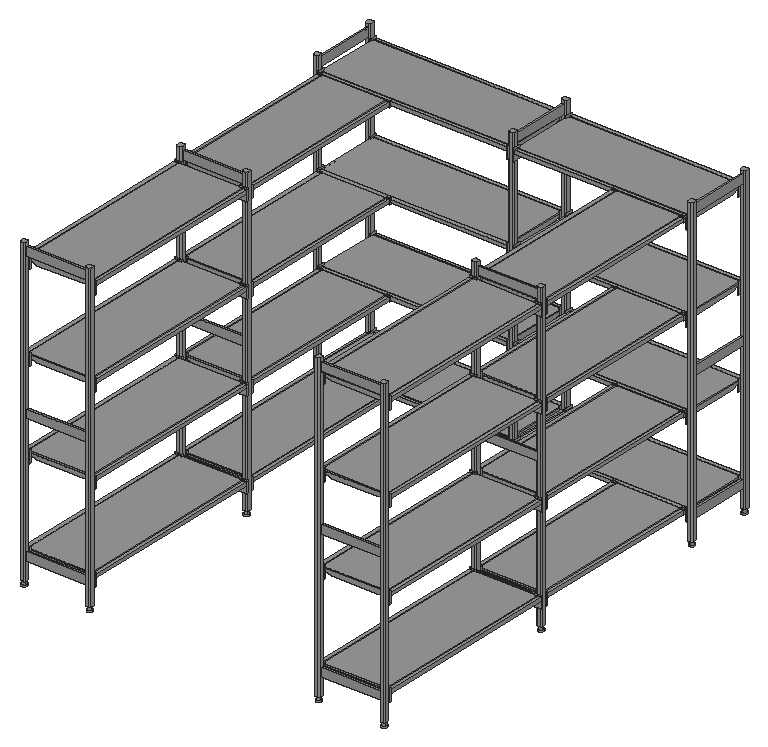
Revit family "QF_ZANUSSI_137098_CRS2024", category Attrezzature speciali, Revit 2020 (continued)
Definition of nested family "QF_886G"
  Dimensions and locks
    aligned and locked: Extrusion 1 sketch curve to Extrusion 1 sketch curve  (x2)
    aligned and locked: nested 1 to plane 18 "CXLeft"
    aligned and locked: nested 2 to plane 10
  Automatic sketch dimensions
    curve 2 to plane 4 "Left" = 0 mm
    curve 3 to plane 5 "Right" = 0 mm
    plane 7 to curve 1 = 0 mm
    plane 7 to curve 4 = 0 mm
    plane 7 to curve 5 = 0 mm
    plane 8 to curve 2 = 0 mm
    plane 8 to curve 1 = 0 mm
    plane 8 to curve 3 = 0 mm
    plane 21 "CYFront" to curve 5 = 1.5 mm
    plane 19 to curve 6 = 1.5 mm
    plane 7 to curve 3 = 4 mm
    plane 7 to curve 2 = 4 mm
    plane 12 to curve 4 = 4.493 mm
    curve 4 to plane 11 = 4.493 mm
    plane 5 "Right" to Extrusion 1 sketch curve = 0 mm  (x4)
    plane 4 "Left" to Extrusion 1 sketch curve = 0 mm  (x4)
    plane 21 "CYFront" to Extrusion 1 sketch curve = 1.5 mm  (x2)
    plane 19 to Extrusion 1 sketch curve = 1.5 mm  (x4)
    plane 14 to Extrusion 1 sketch curve = 7.998 mm  (x2)
    Extrusion 1 sketch curve to Extrusion 1 sketch curve = 17.997 mm  (x8)
    plane 15 to Extrusion 1 sketch curve = 7.998 mm  (x2)
    plane 16 to Extrusion 1 sketch curve = 7.998 mm  (x2)
    plane 17 to Extrusion 1 sketch curve = 7.998 mm  (x2)
    plane 21 "CYFront" to Extrusion 2 sketch curve = 3.5 mm  (x4)
    plane 19 to Extrusion 2 sketch curve = 3.493 mm  (x4)
    plane 14 to Extrusion 2 sketch curve = 19.496 mm
    Extrusion 2 sketch curve to Extrusion 2 sketch curve = 6.499 mm  (x4)
    plane 15 to Extrusion 2 sketch curve = 19.496 mm
    plane 16 to Extrusion 2 sketch curve = 19.496 mm
    plane 17 to Extrusion 2 sketch curve = 19.496 mm
  Nested families
    nested 1: "WT_Anta373B" at (-194.5, -132.5, 0) x (0, 1, 0) z (0, 0, 1), type "WT_Anta373B"
    nested 2: "WT_Aggancio373B" at (-194.5, 780.5, 0) x (0, 1, 0) z (0, 0, 1), type "WT_Aggancio373B"
  Definition of nested family "WT_Anta373B"
    Parameters
      WidthLeft = A + 64 mm  # 772 mm
      Width = 1606 mm
      Right = WidthLeft / 2  # 386 mm
      Default Elevation = 0 mm
      Left = -WidthLeft / 2  # -386 mm
      Height = 1590 mm
      FEET = 25 mm
      E = 0 mm
      Dint = Depth - 63 mm  # 310 mm
      Dext = Depth - 8 mm  # 365 mm
      Depth = 373 mm
      DX = (WidthLeft - A) / 2  # 32 mm
      B = 798 mm
      A = 708 mm
    Reference planes
      plane 1: z = 0
      plane 2 "LEFT": x = -417
      plane 3 "BACK": y = 23
      plane 4 "FRONT": y = -350
      plane 5 "TOP": z = 1590
      plane 6 "Center (Front/Back)": y = -163.5
      plane 7: y = -8.5
      plane 8: y = -318.5
      plane 9 "FEET": z = 25
      plane 10: z = 140
      plane 11: z = 590
      plane 12: z = 1040
      plane 13: z = 1490
      plane 14 "CXLeft": x = -403
      plane 15: y = 5.5
      plane 16 "CYBack": y = 5.5
      plane 17 "CYFront": y = -332.5
      plane 18: x = -385.031
      plane 19: x = -380.031
    Forms (mm)
      Extrusion 1, solid
        sketch origin (0, 0, 0) x (1, 0, 0) y (0, 1, 0)
          loop
            line (-417, 13.246) -> (-417, -2.246) -> (-410.746, -8.5) -> (-395.254, -8.5) -> (-389, -2.246) -> (-389, 13.246) -> (-395.254, 19.5) -> (-410.746, 19.5) -> (-417, 13.246)
        from 1590 to 25
      Extrusion 2, solid
        sketch origin (-417, 0, 0) x (0, 1, 0) y (0, 0, 1)
          loop
            line (23, 111.005) -> (23, 172.993) -> (-12.993, 172.993) -> (-12.993, 111.005) -> (23, 111.005)
          loop
            line (-350, 111.005) -> (-314.007, 111.005) -> (-314.007, 172.993) -> (-350, 172.993) -> (-350, 111.005)
          loop
            line (23, 561.005) -> (23, 622.993) -> (-12.993, 622.993) -> (-12.993, 561.005) -> (23, 561.005)
          loop
            line (-350, 561.005) -> (-314.007, 561.005) -> (-314.007, 622.993) -> (-350, 622.993) -> (-350, 561.005)
          loop
            line (23, 1011.005) -> (23, 1072.993) -> (-12.993, 1072.993) -> (-12.993, 1011.005) -> (23, 1011.005)
          loop
            line (-350, 1011.005) -> (-314.007, 1011.005) -> (-314.007, 1072.993) -> (-350, 1072.993) -> (-350, 1011.005)
          loop
            line (23, 1461.005) -> (23, 1522.993) -> (-12.993, 1522.993) -> (-12.993, 1461.005) -> (23, 1461.005)
          loop
            line (-350, 1461.005) -> (-314.007, 1461.005) -> (-314.007, 1522.993) -> (-350, 1522.993) -> (-350, 1461.005)
        from 28 to 32
      Revolve 3, solid
        sketch origin (-403, 0, 0) x (0, 1, 0) y (0, 0, 1)
          loop
            line (5.5, 25) -> (5.5, 0) -> (19, 0) -> (19, 5) -> (14, 5) -> (14, 25) -> (5.5, 25)
          axis (5.5, 25) -> (5.5, 0)
        angle from 0 to 360
      Extrusion 4, solid
        sketch origin (-403, 0, 0) x (0, 1, 0) y (0, 0, 1)
          loop
            line (-8.5, 777.382) -> (-8.5, 822.374) -> (-318.5, 822.374) -> (-318.5, 777.382) -> (-8.5, 777.382)
          loop
            line (-8.5, 1527.244) -> (-8.5, 1572.236) -> (-318.5, 1572.236) -> (-318.5, 1527.244) -> (-8.5, 1527.244)
        from -5 to 5
      Revolve 5, solid
        sketch origin (-403, -627, 0) x (0, -1, 0) y (0, 0, 1)
          loop
            line (-294.5, 25) -> (-294.5, 0) -> (-281, 0) -> (-281, 5) -> (-286, 5) -> (-286, 25) -> (-294.5, 25)
          axis (-294.5, 25) -> (-294.5, 0)
        angle from 0 to 360
      Extrusion 6, solid
        sketch origin (0, -627, 0) x (1, 0, 0) y (0, 1, 0)
          loop
            line (-417, 286.754) -> (-410.746, 280.5) -> (-395.254, 280.5) -> (-389, 286.754) -> (-389, 302.246) -> (-395.254, 308.5) -> (-410.746, 308.5) -> (-417, 302.246) -> (-417, 286.754)
        from 1590 to 25
      Extrusion 7, solid
        sketch origin (-417.031, -0.022, 0) x (0, 1, 0) y (0, 0, -1)
          loop
            line (-12, -1497.998) -> (-46, -1485.994) -> (-281, -1485.994) -> (-315, -1497.998) -> (-331, -1497.998) -> (-331, -1515.994) -> (-329, -1515.994) -> (-329, -1509.496) -> (2.007, -1509.496) -> (2.007, -1515.994) -> (4, -1515.994) -> (4, -1497.998) -> (-12, -1497.998)
          loop
            line (-12, -1047.998) -> (-46, -1035.994) -> (-281, -1035.994) -> (-315, -1047.998) -> (-331, -1047.998) -> (-331, -1065.994) -> (-329, -1065.994) -> (-329, -1059.496) -> (2.007, -1059.496) -> (2.007, -1065.994) -> (4, -1065.994) -> (4, -1047.998) -> (-12, -1047.998)
          loop
            line (-12, -597.998) -> (-46, -585.994) -> (-281, -585.994) -> (-315, -597.998) -> (-331, -597.998) -> (-331, -615.994) -> (-329, -615.994) -> (-329, -609.496) -> (2.007, -609.496) -> (2.007, -615.994) -> (4, -615.994) -> (4, -597.998) -> (-12, -597.998)
          loop
            line (-12, -147.998) -> (-46, -135.994) -> (-281, -135.994) -> (-315, -147.998) -> (-331, -147.998) -> (-331, -165.994) -> (-329, -165.994) -> (-329, -159.496) -> (2.007, -159.496) -> (2.007, -165.994) -> (4, -165.994) -> (4, -147.998) -> (-12, -147.998)
        from -32 to -37
      Extrusion 8, solid
        sketch origin (-403, 0, -659.878) x (0, 1, 0) y (0, 0, 1)
          loop
            line (-8.5, 777.382) -> (-8.5, 822.374) -> (-318.5, 822.374) -> (-318.5, 777.382) -> (-8.5, 777.382)
          loop
            line (-8.5, 1437.382) -> (-8.5, 1482.374) -> (-318.5, 1482.374) -> (-318.5, 1437.382) -> (-8.5, 1437.382)
          loop
            line (-8.5, 2187.382) -> (-8.5, 2232.374) -> (-318.5, 2232.374) -> (-318.5, 2187.382) -> (-8.5, 2187.382)
        from -5 to 5
    Lines and regions (mm)
      symbolic lines
        curve 1: line (-408, -8.5, 1590) -> (-408, -318.5, 1590)
        curve 2: line (-398, -318.5, 1590) -> (-398, -8.5, 1590)
        curve 3: line (-395.254, -8.5, 1590) -> (-410.746, -8.5, 1590)
        curve 4: line (-417, -2.246, 1590) -> (-410.746, -8.5, 1590)
        curve 5: line (-417, 13.246, 1590) -> (-417, -2.246, 1590)
        curve 6: line (-410.746, 19.5, 1590) -> (-417, 13.246, 1590)
        curve 7: line (-395.254, 19.5, 1590) -> (-410.746, 19.5, 1590)
        curve 8: line (-389, 13.246, 1590) -> (-395.254, 19.5, 1590)
        curve 9: line (-395.254, -8.5, 1590) -> (-389, -2.246, 1590)
        curve 10: line (-395.254, -318.5, 1590) -> (-410.746, -318.5, 1590)
        curve 11: line (-417, -324.754, 1590) -> (-410.746, -318.5, 1590)
        curve 12: line (-410.746, -346.5, 1590) -> (-417, -340.246, 1590)
        curve 13: line (-395.254, -346.5, 1590) -> (-410.746, -346.5, 1590)
        curve 14: line (-389, -340.246, 1590) -> (-395.254, -346.5, 1590)
        curve 15: line (-395.254, -318.5, 1590) -> (-389, -324.754, 1590)
        curve 16: line (-389, -350, 1590) -> (-389, -314.007, 1590)
        curve 17: line (-389, -314.007, 1590) -> (-385, -314.007, 1590)
        curve 18: line (-389, 23, 1590) -> (-389, -12.993, 1590)
        curve 19: line (-389, -12.993, 1590) -> (-385, -12.993, 1590)
        curve 20: line (-417, -324.754, 1590) -> (-417, -340.246, 1590)
        curve 21: line (-385, -350, 1590) -> (-385, -314.007, 1590)
        curve 22: line (-385, -350, 1590) -> (-389, -350, 1590)
        curve 23: line (-385, 23, 1590) -> (-389, 23, 1590)
        curve 24: line (-385, -12.993, 1590) -> (-385, 23, 1590)
        curve 25: line (-385.031, -13.016, 1725) -> (-385.031, -314.029, 1725)
    Dimensions and locks
      "Depth": plane 3 "BACK" to plane 4 "FRONT"
      "Dint": plane 7 to plane 8
      equal spacing: plane 7, plane 6 "Center (Front/Back)", plane 8
      equal spacing: plane 3 "BACK", plane 6 "Center (Front/Back)", plane 4 "FRONT"
      plane 9 "FEET" to level = 25 mm
      plane 10 to plane 9 "FEET" = 115 mm
      plane 11 to plane 10 = 450 mm
      plane 12 to plane 11 = 450 mm
      plane 13 to plane 12 = 450 mm
      locked: plane 2 "LEFT" to plane 14 "CXLeft" at 14
      locked: plane 3 "BACK" to plane 16 "CYBack" at 17.5
      locked: plane 17 "CYFront" to plane 4 "FRONT" at 17.5
      locked: Revolve 3 sketch curve to Revolve 3 sketch curve at 8.5
      locked: Revolve 3 sketch curve to plane 16 "CYBack" at 13.5
      locked: Revolve 5 sketch curve to Revolve 5 sketch curve at 8.5
      plane 10 to level = 140 mm
      plane 11 to level = 590 mm
      plane 12 to level = 1040 mm
      plane 13 to level = 1490 mm
      "Height": plane 5 "TOP" to level
      aligned and locked: level to plane 1
      aligned and locked: curve 20 to Extrusion 6
      aligned and locked: plane 5 "TOP" to Extrusion 1
      aligned and locked: plane 5 "TOP" to Extrusion 6
      aligned and locked: Extrusion 7 sketch curve to Extrusion 7 sketch curve  (x3)
    Automatic sketch dimensions
      curve 16 to plane 4 "FRONT" = 0 mm
      curve 11 to plane 8 = 0 mm
      curve 9 to plane 7 = 0 mm
      curve 5 to plane 2 "LEFT" = 0 mm
      curve 23 to plane 3 "BACK" = 0 mm
      plane 4 "FRONT" to curve 13 = 3.5 mm
      curve 20 to plane 17 "CYFront" = 7.746 mm
      curve 20 to plane 8 = 6.254 mm
      plane 8 to curve 16 = 4.493 mm
      curve 24 to plane 18 = 0.031 mm
      curve 24 to plane 7 = 4.493 mm
      plane 7 to curve 5 = 6.254 mm
      curve 5 to plane 15 = 7.746 mm
      curve 6 to plane 3 "BACK" = 3.5 mm
      curve 21 to plane 18 = 0.031 mm
      plane 18 to curve 23 = 3.969 mm
      plane 18 to curve 16 = 3.969 mm
      curve 18 to curve 8 = 6.254 mm
      curve 18 to curve 3 = 6.254 mm
      curve 16 to curve 13 = 6.254 mm
      curve 16 to curve 15 = 6.254 mm
      plane 2 "LEFT" to curve 10 = 6.254 mm
      plane 2 "LEFT" to curve 7 = 6.254 mm
      plane 2 "LEFT" to curve 12 = 6.254 mm
      plane 2 "LEFT" to curve 3 = 6.254 mm
      curve 14 to plane 17 "CYFront" = 7.746 mm
      curve 15 to plane 8 = 6.254 mm
      plane 7 to curve 9 = 6.254 mm
      curve 8 to plane 15 = 7.746 mm
      curve 3 to curve 2 = 2.746 mm
      curve 1 to curve 10 = 2.746 mm
      Extrusion 1 sketch curve to plane 2 "LEFT" = 0 mm
      Extrusion 1 sketch curve to plane 7 = 0 mm
      plane 2 "LEFT" to Extrusion 1 sketch curve = 6.254 mm  (x2)
      plane 14 "CXLeft" to Extrusion 1 sketch curve = 7.746 mm  (x2)
      Extrusion 1 sketch curve to plane 3 "BACK" = 3.5 mm
      plane 18 to Extrusion 1 sketch curve = 3.969 mm
      plane 7 to Extrusion 1 sketch curve = 6.254 mm  (x2)
      Extrusion 1 sketch curve to plane 15 = 7.746 mm  (x2)
      Extrusion 2 sketch curve to plane 4 "FRONT" = 0 mm  (x4)
      Extrusion 2 sketch curve to plane 3 "BACK" = 0 mm  (x4)
      plane 8 to Extrusion 2 sketch curve = 4.493 mm  (x4)
      Extrusion 2 sketch curve to plane 7 = 4.493 mm  (x4)
      Extrusion 2 sketch curve to plane 10 = 28.995 mm  (x2)
      plane 10 to Extrusion 2 sketch curve = 32.993 mm  (x2)
      Extrusion 2 sketch curve to plane 11 = 28.995 mm  (x2)
      plane 11 to Extrusion 2 sketch curve = 32.993 mm  (x2)
      Extrusion 2 sketch curve to plane 12 = 28.995 mm  (x2)
      plane 12 to Extrusion 2 sketch curve = 32.993 mm  (x2)
      Extrusion 2 sketch curve to plane 13 = 28.995 mm  (x2)
      plane 13 to Extrusion 2 sketch curve = 32.993 mm  (x2)
      Revolve 3 sketch curve to plane 9 "FEET" = 0 mm  (x2)
      Revolve 3 sketch curve to plane 15 = 0 mm  (x2)
      Revolve 3 sketch curve to level = 0 mm
      level to Revolve 3 sketch curve = 5 mm
      Revolve 3 sketch curve to Revolve 3 sketch curve = 11.655 mm
      Extrusion 4 sketch curve to plane 8 = 0 mm  (x2)
      Extrusion 4 sketch curve to plane 7 = 0 mm  (x2)
      plane 11 to Extrusion 4 sketch curve = 187.382 mm
      Extrusion 4 sketch curve to Extrusion 4 sketch curve = 44.992 mm
      plane 13 to Extrusion 4 sketch curve = 37.244 mm
      Extrusion 4 sketch curve to plane 5 "TOP" = 17.764 mm
      Revolve 5 sketch curve to plane 9 "FEET" = 0 mm  (x2)
      Revolve 5 sketch curve to plane 17 "CYFront" = 0 mm  (x2)
      Revolve 5 sketch curve to level = 0 mm
      Revolve 5 sketch curve to plane 4 "FRONT" = 4 mm
      Revolve 5 sketch curve to Revolve 5 sketch curve = 5 mm
      level to Revolve 5 sketch curve = 11.655 mm
      Extrusion 6 sketch curve to plane 2 "LEFT" = 0 mm
      Extrusion 6 sketch curve to plane 8 = 0 mm
      Extrusion 6 sketch curve to plane 2 "LEFT" = 6.254 mm  (x2)
      Extrusion 6 sketch curve to plane 14 "CXLeft" = 7.746 mm  (x2)
      Extrusion 6 sketch curve to plane 4 "FRONT" = 3.5 mm
      Extrusion 6 sketch curve to plane 18 = 3.969 mm
      plane 8 to Extrusion 6 sketch curve = 6.254 mm  (x2)
      plane 17 "CYFront" to Extrusion 6 sketch curve = 7.746 mm  (x2)
      plane 17 "CYFront" to Extrusion 7 sketch curve = 1.478 mm  (x4)
      Extrusion 7 sketch curve to Extrusion 7 sketch curve = 2 mm
      plane 8 to Extrusion 7 sketch curve = 3.478 mm  (x4)
      Extrusion 7 sketch curve to plane 10 = 4.006 mm
      Extrusion 7 sketch curve to Extrusion 7 sketch curve = 34 mm  (x4)
      Extrusion 7 sketch curve to plane 11 = 4.006 mm
      Extrusion 7 sketch curve to plane 12 = 4.006 mm
      Extrusion 7 sketch curve to plane 13 = 4.006 mm
      Extrusion 7 sketch curve to plane 7 = 37.522 mm  (x4)
      Extrusion 7 sketch curve to plane 7 = 3.522 mm  (x4)
      plane 15 to Extrusion 7 sketch curve = 3.516 mm  (x4)
      plane 15 to Extrusion 7 sketch curve = 1.522 mm  (x4)
      plane 13 to Extrusion 7 sketch curve = 7.998 mm  (x2)
      Extrusion 7 sketch curve to Extrusion 7 sketch curve = 11.498 mm
      Extrusion 7 sketch curve to Extrusion 7 sketch curve = 6.499 mm  (x5)
      plane 12 to Extrusion 7 sketch curve = 25.994 mm  (x2)
      plane 12 to Extrusion 7 sketch curve = 7.998 mm  (x2)
      plane 11 to Extrusion 7 sketch curve = 25.994 mm  (x2)
      plane 11 to Extrusion 7 sketch curve = 7.998 mm  (x2)
      plane 10 to Extrusion 7 sketch curve = 25.994 mm  (x2)
      plane 10 to Extrusion 7 sketch curve = 7.998 mm  (x2)
      curve 25 to plane 18 = 0 mm
      plane 8 to curve 25 = 4.471 mm
      curve 25 to plane 7 = 4.516 mm
      Extrusion 8 sketch curve to plane 8 = 0 mm  (x3)
      Extrusion 8 sketch curve to plane 7 = 0 mm  (x3)
      Extrusion 8 sketch curve to plane 10 = 22.496 mm
      plane 10 to Extrusion 8 sketch curve = 22.496 mm
      plane 11 to Extrusion 8 sketch curve = 187.504 mm
      Extrusion 8 sketch curve to Extrusion 8 sketch curve = 44.992 mm
      plane 13 to Extrusion 8 sketch curve = 37.504 mm
      Extrusion 8 sketch curve to plane 5 "TOP" = 17.504 mm
  Definition of nested family "WT_Aggancio373B"
    Parameters
      WidthLeft = A + 64 mm  # 772 mm
      Width = 1606 mm
      Right = WidthLeft / 2  # 386 mm
      Default Elevation = 0 mm
      Left = -WidthLeft / 2  # -386 mm
      Height = 1590 mm
      FEET = 25 mm
      E = 0 mm
      Dint = Depth - 63 mm  # 310 mm
      Dext = Depth - 8 mm  # 365 mm
      Depth = 373 mm
      DX = (WidthLeft - A) / 2  # 32 mm
      B = 798 mm
      A = 708 mm
    Reference planes
      plane 1: z = 0
      plane 2 "LEFT": x = -417
      plane 3 "BACK": y = 23
      plane 4 "FRONT": y = -350
      plane 5 "TOP": z = 1590
      plane 6 "Center (Front/Back)": y = -163.5
      plane 7: y = -8.5
      plane 8: y = -318.5
      plane 9 "FEET": z = 25
      plane 10: z = 140
      plane 11: z = 590
      plane 12: z = 1040
      plane 13: z = 1490
      plane 14: y = 5.5
      plane 15 "CYBack": y = 5.5
      plane 16 "CYFront": y = -332.5
    Forms (mm)
      Extrusion 1, solid
        sketch origin (-380, -0.022, 0) x (0, 1, 0) y (0, 0, 1)
          loop
            line (-12, 1497.998) -> (4, 1497.998) -> (4, 1515.994) -> (2.007, 1515.994) -> (2.007, 1509.496) -> (-329, 1509.496) -> (-329, 1515.994) -> (-331, 1515.994) -> (-331, 1497.998) -> (-315, 1497.998) -> (-281, 1485.994) -> (-46, 1485.994) -> (-12, 1497.998)
          loop
            line (-12, 1047.998) -> (4, 1047.998) -> (4, 1065.994) -> (2.007, 1065.994) -> (2.007, 1059.496) -> (-329, 1059.496) -> (-329, 1065.994) -> (-331, 1065.994) -> (-331, 1047.998) -> (-315, 1047.998) -> (-281, 1035.994) -> (-46, 1035.994) -> (-12, 1047.998)
          loop
            line (-12, 597.998) -> (4, 597.998) -> (4, 615.994) -> (2.007, 615.994) -> (2.007, 609.496) -> (-329, 609.496) -> (-329, 615.994) -> (-331, 615.994) -> (-331, 597.998) -> (-315, 597.998) -> (-281, 585.994) -> (-46, 585.994) -> (-12, 597.998)
          loop
            line (-12, 147.998) -> (4, 147.998) -> (4, 165.994) -> (2.007, 165.994) -> (2.007, 159.496) -> (-329, 159.496) -> (-329, 165.994) -> (-331, 165.994) -> (-331, 147.998) -> (-315, 147.998) -> (-281, 135.994) -> (-46, 135.994) -> (-12, 147.998)
        from -32 to -37
      Extrusion 2, solid
        sketch origin (-793.062, -324.754, 6.5) x (1, 0, 0) y (0, 0, 1)
          loop
            line (385.062, 1509.496) -> (385.062, 1512.496) -> (376.062, 1512.496) -> (376.062, 1485.994) -> (390.031, 1485.994) -> (390.031, 1491.496) -> (381.062, 1491.496) -> (381.062, 1509.496) -> (385.062, 1509.496)
          loop
            line (385.062, 1059.496) -> (385.062, 1062.496) -> (376.062, 1062.496) -> (376.062, 1035.994) -> (390.031, 1035.994) -> (390.031, 1041.496) -> (381.062, 1041.496) -> (381.062, 1059.496) -> (385.062, 1059.496)
          loop
            line (385.062, 609.496) -> (385.062, 612.496) -> (376.062, 612.496) -> (376.062, 585.994) -> (390.031, 585.994) -> (390.031, 591.496) -> (381.062, 591.496) -> (381.062, 609.496) -> (385.062, 609.496)
          loop
            line (385.062, 159.496) -> (385.062, 162.496) -> (376.062, 162.496) -> (376.062, 135.994) -> (390.031, 135.994) -> (390.031, 141.496) -> (381.062, 141.496) -> (381.062, 159.496) -> (385.062, 159.496)
        from 6.268 to 25.246
      Extrusion 3, solid
        sketch origin (-793.062, 32.754, 6.5) x (1, 0, 0) y (0, 0, 1)
          loop
            line (385.062, 1509.496) -> (385.062, 1512.496) -> (376.062, 1512.496) -> (376.062, 1485.994) -> (390.031, 1485.994) -> (390.031, 1491.496) -> (381.062, 1491.496) -> (381.062, 1509.496) -> (385.062, 1509.496)
          loop
            line (385.062, 1059.496) -> (385.062, 1062.496) -> (376.062, 1062.496) -> (376.062, 1035.994) -> (390.031, 1035.994) -> (390.031, 1041.496) -> (381.062, 1041.496) -> (381.062, 1059.496) -> (385.062, 1059.496)
          loop
            line (385.062, 609.496) -> (385.062, 612.496) -> (376.062, 612.496) -> (376.062, 585.994) -> (390.031, 585.994) -> (390.031, 591.496) -> (381.062, 591.496) -> (381.062, 609.496) -> (385.062, 609.496)
          loop
            line (385.062, 159.496) -> (385.062, 162.496) -> (376.062, 162.496) -> (376.062, 135.994) -> (390.031, 135.994) -> (390.031, 141.496) -> (381.062, 141.496) -> (381.062, 159.496) -> (385.062, 159.496)
        from 9.754 to 28.776
    Lines and regions (mm)
      symbolic lines
        curve 1: line (-412, -350, 0) -> (-408, -350, 0)
        curve 2: line (-412, -331.022, 0) -> (-412, -350, 0)
        curve 3: line (-408, -331.022, 0) -> (-412, -331.022, 0)
        curve 4: line (-408, -350, 0) -> (-408, -331.022, 0)
        curve 5: line (-412, 3.978, 0) -> (-408, 3.978, 0)
        curve 6: line (-412, 23, 0) -> (-412, 3.978, 0)
        curve 7: line (-408, 23, 0) -> (-412, 23, 0)
        curve 8: line (-408, 3.978, 0) -> (-408, 23, 0)
    Dimensions and locks
      "Height": plane 5 "TOP" to level
      "Depth": plane 3 "BACK" to plane 4 "FRONT"
      "Dint": plane 7 to plane 8
      equal spacing: plane 7, plane 6 "Center (Front/Back)", plane 8
      equal spacing: plane 3 "BACK", plane 6 "Center (Front/Back)", plane 4 "FRONT"
      plane 9 "FEET" to level = 25 mm
      plane 10 to plane 9 "FEET" = 115 mm
      locked: plane 11 to plane 10 at 450
      locked: plane 12 to plane 11 at 450
      locked: plane 13 to plane 12 at 450
      locked: plane 3 "BACK" to plane 15 "CYBack" at 17.5
      locked: plane 16 "CYFront" to plane 4 "FRONT" at 17.5
      aligned and locked: level to plane 1
      aligned and locked: Extrusion 1 sketch curve to Extrusion 1 sketch curve  (x3)
    Automatic sketch dimensions
      plane 16 "CYFront" to Extrusion 1 sketch curve = 1.478 mm  (x4)
      Extrusion 1 sketch curve to Extrusion 1 sketch curve = 2 mm
      plane 8 to Extrusion 1 sketch curve = 3.478 mm  (x4)
      Extrusion 1 sketch curve to plane 10 = 4.006 mm
      Extrusion 1 sketch curve to Extrusion 1 sketch curve = 34 mm  (x4)
      Extrusion 1 sketch curve to plane 11 = 4.006 mm
      Extrusion 1 sketch curve to plane 12 = 4.006 mm
      Extrusion 1 sketch curve to plane 13 = 4.006 mm
      Extrusion 1 sketch curve to plane 7 = 37.522 mm  (x4)
      Extrusion 1 sketch curve to plane 7 = 3.522 mm  (x4)
      plane 14 to Extrusion 1 sketch curve = 3.516 mm  (x4)
      plane 14 to Extrusion 1 sketch curve = 1.522 mm  (x4)
      plane 10 to Extrusion 1 sketch curve = 7.998 mm  (x2)
      Extrusion 1 sketch curve to Extrusion 1 sketch curve = 11.498 mm  (x4)
      Extrusion 1 sketch curve to Extrusion 1 sketch curve = 6.499 mm  (x8)
      plane 11 to Extrusion 1 sketch curve = 7.998 mm  (x2)
      plane 12 to Extrusion 1 sketch curve = 7.998 mm  (x2)
      plane 13 to Extrusion 1 sketch curve = 7.998 mm  (x2)
      plane 2 "LEFT" to Extrusion 2 sketch curve = 0 mm  (x4)
      plane 13 to Extrusion 2 sketch curve = 7.996 mm
      plane 11 to Extrusion 2 sketch curve = 7.996 mm
      Extrusion 2 sketch curve to Extrusion 2 sketch curve = 5 mm  (x4)
      plane 11 to Extrusion 2 sketch curve = 2.494 mm
      plane 10 to Extrusion 2 sketch curve = 28.996 mm
      Extrusion 2 sketch curve to Extrusion 2 sketch curve = 3 mm  (x4)
      plane 10 to Extrusion 2 sketch curve = 7.996 mm
      plane 10 to Extrusion 2 sketch curve = 2.494 mm
      Extrusion 2 sketch curve to Extrusion 2 sketch curve = 18 mm  (x3)
      plane 12 to Extrusion 2 sketch curve = 2.494 mm
      plane 12 to Extrusion 2 sketch curve = 7.996 mm
      plane 13 to Extrusion 2 sketch curve = 2.494 mm
      plane 2 "LEFT" to Extrusion 3 sketch curve = 0 mm  (x4)
      plane 13 to Extrusion 3 sketch curve = 7.996 mm
      plane 11 to Extrusion 3 sketch curve = 7.996 mm
      Extrusion 3 sketch curve to Extrusion 3 sketch curve = 5 mm  (x4)
      plane 11 to Extrusion 3 sketch curve = 2.494 mm
      plane 10 to Extrusion 3 sketch curve = 28.996 mm
      Extrusion 3 sketch curve to Extrusion 3 sketch curve = 3 mm  (x4)
      plane 10 to Extrusion 3 sketch curve = 7.996 mm
      plane 10 to Extrusion 3 sketch curve = 2.494 mm
      Extrusion 3 sketch curve to Extrusion 3 sketch curve = 18 mm  (x3)
      plane 12 to Extrusion 3 sketch curve = 2.494 mm
      plane 12 to Extrusion 3 sketch curve = 7.996 mm
      plane 13 to Extrusion 3 sketch curve = 2.494 mm
      plane 2 "LEFT" to curve 1 = 5 mm
      plane 2 "LEFT" to curve 7 = 5 mm
      curve 1 to plane 16 "CYFront" = 17.5 mm
      curve 3 to plane 8 = 12.522 mm
      plane 7 to curve 5 = 12.478 mm
      curve 7 to plane 14 = 17.5 mm
      curve 5 to curve 5 = 4 mm
      curve 1 to curve 4 = 4 mm
      Extrusion 2 sketch curve to Extrusion 2 sketch curve = 4 mm  (x4)
      Extrusion 2 sketch curve to Extrusion 2 sketch curve = 8.969 mm  (x4)
      Extrusion 3 sketch curve to Extrusion 3 sketch curve = 4 mm  (x4)
      Extrusion 3 sketch curve to Extrusion 3 sketch curve = 8.969 mm  (x4)
